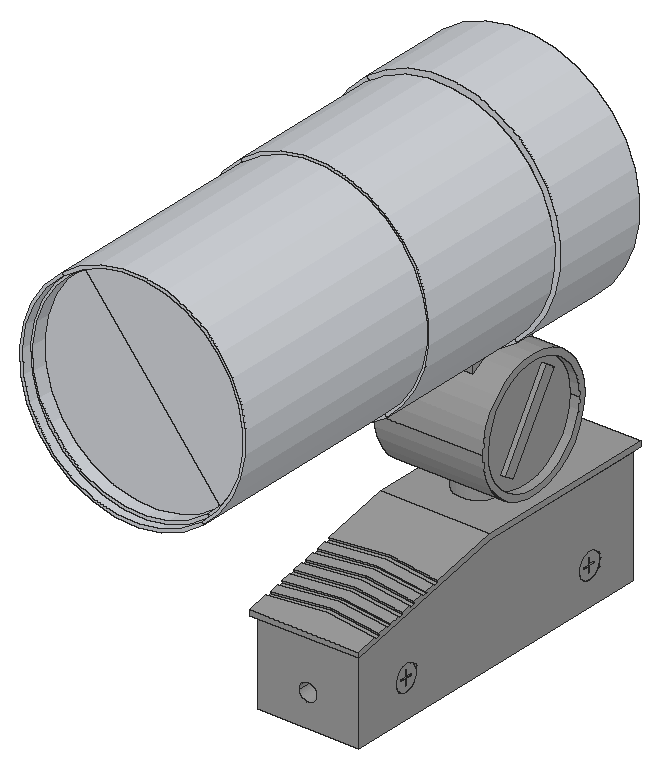
Revit family "TUBE GARDEN_JM10SW.1.18", category Luminarias, Revit 2019
Family settings
  Cota de conector redondo = Diámetro de uso
  Tipo de pieza = Normal
  Se basa en plano de trabajo = Sí
  Siempre vertical = No
  Corte con vacíos al cargar = No
  Origen de luz = Sí
  Compartido = No
  Punto de cálculo de habitación = No
Parameters (values of type "TUBE GARDEN_JM10SW.1.18")
  Ángulo de inclinación = 60.00°
  Zone [instance] = ""
  Watt per fixture = 12.6
  Wattage = 12.6 W
  built-in parameter 1150107 = 3000 (stored number, unit not read)
  built-in parameter 1150110 = 1 (stored number, unit not read)
  built-in parameter 1150109 = 1 (stored number, unit not read)
  built-in parameter 1150112 = 1 (stored number, unit not read)
  built-in parameter 1150113 = 1 (stored number, unit not read)
  built-in parameter 1114218 = 1 (stored number, unit not read)
  Keynote = ""
  built-in parameter 1150142 = "IESNA:LM-63-1995\r\n[TEST] \r\n[DATE] 2016/7/8\r\n[MANUFAC] BRILLANTE ILUMINACION\r\n[LUMCAT] JM10SW.1\r\n[LUMINAIRE] TUBE GARDEN\r\n[LAMPCAT] JM10SW.1 3000K APERTURA 15°_ 240V\r\n[LAMP] \r\nTILT=NONE\r\n0 -1 1.0 19 9 1 2 0.000 0.000 0.000\r\n1 1 10.4\r\n0.0 5.0 10.0 15.0 20.0 25.0 30.0 35.0 40.0 45.0 50.0 55.0 60.0 65.0 70.0 75.0 80.0 85.0 90.0\r\n0.0 45.0 90.0 135.0 180.0 225.0 270.0 315.0 360.0 \r\n3698.184 3451.365 1995.442 974.678 607.932 486.059 416.519 370.535 263.103 104.155 34.309 18.127 12.187 9.217 6.964 4.916 2.868 1.127 0.102\r\n3553.780 3597.818 2322.759 1127.583 653.404 528.458 439.870 384.156 294.339 130.271 37.484 19.664 12.904 10.037 7.783 5.838 3.585 1.434 0.205\r\n3567.094 3002.790 1673.246 823.514 570.960 476.125 412.935 360.191 198.069 66.774 25.296 15.772 11.573 9.115 7.067 4.916 2.868 1.024 0.102\r\n3620.349 2624.881 1375.528 724.172 539.314 454.925 397.880 339.913 187.316 50.285 22.941 14.850 11.163 8.705 6.555 4.506 2.356 0.717 0.102\r\n3698.184 2558.312 1188.007 663.645 528.458 443.762 391.838 298.026 138.669 54.689 23.043 15.362 11.675 8.705 6.042 4.199 1.946 0.410 0.102\r\n3553.780 2034.155 1091.430 625.240 497.836 428.604 378.114 273.856 101.390 37.074 21.302 14.850 11.470 8.603 5.735 3.482 1.434 0.205 0.102\r\n3567.094 2845.072 1499.347 760.939 534.603 453.389 401.567 340.425 173.080 55.816 22.838 15.465 11.778 9.012 6.145 4.097 2.048 0.410 0.102\r\n3620.349 3274.188 1943.825 922.754 581.714 478.480 415.188 366.848 240.981 78.449 28.369 17.206 11.982 8.910 6.555 4.609 2.560 0.717 0.102\r\n3698.184 3451.365 1995.442 974.678 607.932 486.059 416.519 370.535 263.103 104.155 34.309 18.127 12.187 9.217 6.964 4.916 2.868 1.127 0.102\r\n"
  built-in parameter 1150137 = (empty or 0)
  built-in parameter 1150132 = (empty or 0)
  Modelo = "JM10SW.1.18"
  Lámpara = "NICHIA"
  built-in parameter 1150105 = 80.344 (stored number, unit not read)
  built-in parameter 1150102 = (empty or 0)
  built-in parameter 1150106 = 0.80344 (stored number, unit not read)
  Lumens = 1009.64 lm
  Color Filter = 16777215
  built-in parameter 1114217 = 1 (stored number, unit not read)
  built-in parameter 1150139 = (empty or 0)
  Fabricante = "BRILLANT"
  Default Elevation = 0 mm
  built-in parameter 1150104 = 7.4443 (stored number, unit not read)
  Descripción = "LUMINARIA DE JARDIN DIRIGIBLE CON DIFERENTES TIPOS DE SUJECION, CUERPO DE ALUMINIO FUNDIDO A PRESION CUBIERTO CON POLVO GRIS OSCURO Y VIDRIO TEMPLADO DE 4MM CON UN PESO DE 1KG, USO PARA INTERIORES Y EXTERIORES IP 66, 1 LED TIPO NICHIA CON UNA POTENCIA DE 12.6W, IRC 80, 1000 LUMENES, TEMPERATURA EN BLANCO CALIDO 3000K, EFICIENCIA DE 80.13 LM/W, APERTURA DE 18 GRADOS POR PROYECTO, CABLE DE 1.9M H05RN-F, ALIMENTADO A 100-240V."
  built-in parameter 1150115 = 1 (stored number, unit not read)
  built-in parameter 1150114 = 1 (stored number, unit not read)
  Comentarios de vataje = "100-240V"
  built-in parameter 1150138 = (empty or 0)
  built-in parameter 1150134 = (empty or 0)
  Circuit [instance] = ""
  Dimming Lamp Color Temperature Shift = (empty or 0)
  Archivo de red fotométrica = "JM10SW.1_15°_240V.IES"
  built-in parameter 1150133 = 10 (stored number, unit not read)
Reference planes
  plane 1 "Centro (Frontal/Posterior)": y = 0
  plane 2: z = 0
  plane 3 "Centro (Izquierda/Derecha)": x = 0
  plane 4: y = -61.917
  plane 5: y = 38.083
  plane 6: z = 35
  plane 7: z = 145
Forms (mm)
  Extrusion 1, solid, material "Aluminio"
    sketch origin (39.88, 0, 33.686) x (0, 0, 1) y (0, -1, 0)
      loop
        line (-33.825, 60.622) -> (-33.825, -36.369) -> (-1.361, -36.369) -> (-1.361, 15.603) -> (-10.93, 60.622) -> (-33.825, 60.622)
    from -54.278 to -25.483
  Revolve 2, solid
    sketch origin (61.33, -20.719, 35.253) x (-0.62932, 0, 0.777146) y (0, -1, 0)
      loop
        line (131.455, -35.031) -> (131.455, -7.435) -> (129.367, -7.435) -> (129.367, -6.354) -> (130.392, -6.354) -> (130.392, 38.021) -> (129.592, 38.021) -> (129.592, 102.136) -> (128.792, 102.136) -> (128.792, 99.443) -> (127.981, 99.443) -> (127.981, 95.475) -> (97.455, 95.475) -> (97.455, -36.864) -> (129.367, -36.864) -> (129.367, -35.031) -> (131.455, -35.031)
      axis (97.455, -36.864) -> (97.455, 102.136)
    angle from 0 to 360
  Extrusion 3, solid, material "Aluminio"
    sketch origin (0.356, 0, 14.678) x (0, 0, 1) y (0, -1, 0)
      loop
        circle (41.155, 0) r 18.092
      loop
        circle (41.155, 0) r 16.339
    from -15.819 to 15
  Extrusion 4, solid, material "Aluminio"
    sketch origin (0.356, 0, 14.678) x (0, 0, 1) y (0, -1, 0)
      loop
        circle (41.155, 0) r 16.339
    from -12.926 to 12.368
  Extrusion 5, solid, material "Aluminio"
    sketch origin (0.356, 0, 14.678) x (0, 0, 1) y (0, -1, 0)
      loop
        line (53.596, -5.944) -> (31.281, 8.548) -> (29.59, 5.944) -> (51.905, -8.548) -> (53.596, -5.944)
    from 12.368 to 14.042
  Extrusion 6, solid, material "Aluminio"
    sketch origin (-0.356, 0, 14.678) x (0, 0, 1) y (0, 1, 0)
      loop
        line (53.596, 5.944) -> (51.905, 8.548) -> (29.59, -5.944) -> (31.281, -8.548) -> (53.596, 5.944)
    from 12.368 to 14.042
  Extrusion 7, solid, material "Aluminio"
    sketch origin (-8.138, 0, 16.682) x (0, 0, 1) y (0, -1, 0)
      loop
        line (61.699, 10.674) -> (53.75, 10.674)
        arc (53.75, 10.674) -> (57.104, 0.102) -> (53.75, -10.47) r 18.336
        line (53.75, -10.47) -> (61.699, -10.47) -> (61.699, 10.674)
    from 1.534 to 14.765
  Extrusion 8, solid, material "Aluminio"
    sketch origin (0, 0, 0) x (1, 0, 0) y (0, 1, 0)
      loop
        circle (0, 0) r 6.607
    from 35 to 39.074
  Extrusion 9, solid, material "Aluminio"
    sketch origin (39.88, 0.947, 34.633) x (0, 0, 1) y (0, -1, 0)
      loop
        line (-1.133, -37.136) -> (0.367, -37.136) -> (0.367, 16.522) -> (-9.484, 62.864) -> (-10.984, 62.864) -> (-1.133, 16.522) -> (-1.133, -37.136)
    from -55.344 to -24.525
  Extrusion 10, void
    sketch origin (0, 1.025, 6.176) x (1, 0, 0) y (0, 0.978012, 0.208547)
      loop
        line (-21.529, -31.26) -> (0, -28.617) -> (21.507, -31.257) -> (21.507, -29.746) -> (0, -27.105) -> (-21.529, -29.749) -> (-21.529, -31.26)
    from 31.104 to 32.437
  Extrusion 11, void
    sketch origin (0, -3.127, 5.294) x (1, 0, 0) y (0, 0.978012, 0.208547)
      loop
        line (-21.529, -31.26) -> (0, -28.617) -> (21.507, -31.257) -> (21.507, -29.746) -> (0, -27.105) -> (-21.529, -29.749) -> (-21.529, -31.26)
    from 31.104 to 32.437
  Extrusion 12, void
    sketch origin (0, -7.292, 4.406) x (1, 0, 0) y (0, 0.978012, 0.208547)
      loop
        line (-21.529, -31.26) -> (0, -28.617) -> (21.507, -31.257) -> (21.507, -29.746) -> (0, -27.105) -> (-21.529, -29.749) -> (-21.529, -31.26)
    from 31.104 to 32.437
  Extrusion 13, void
    sketch origin (0, -11.443, 3.52) x (1, 0, 0) y (0, 0.978012, 0.208547)
      loop
        line (-21.529, -31.26) -> (0, -28.617) -> (21.507, -31.257) -> (21.507, -29.746) -> (0, -27.105) -> (-21.529, -29.749) -> (-21.529, -31.26)
    from 31.104 to 32.437
  Extrusion 14, void
    sketch origin (0, -15.611, 2.632) x (1, 0, 0) y (0, 0.978012, 0.208547)
      loop
        line (-21.529, -31.26) -> (0, -28.617) -> (21.507, -31.257) -> (21.507, -29.746) -> (0, -27.105) -> (-21.529, -29.749) -> (-21.529, -31.26)
    from 31.104 to 32.437
  Extrusion 15, void
    sketch origin (0, -19.773, 1.744) x (1, 0, 0) y (0, 0.978012, 0.208547)
      loop
        line (-21.529, -31.26) -> (0, -28.617) -> (21.507, -31.257) -> (21.507, -29.746) -> (0, -27.105) -> (-21.529, -29.749) -> (-21.529, -31.26)
    from 31.104 to 32.437
  Extrusion 16, void
    sketch origin (0, 0, 0) x (1, 0, 0) y (0, 0, 1)
      loop
        circle (0, 9.003) r 2.52
    from -37.016 to 61.917
  Extrusion 17, void
    sketch origin (13.624, 0, 26.957) x (0, 0, 1) y (0, -1, 0)
      loop
        circle (-16.558, 43.85) r 3.807
      loop
        circle (-16.558, -21.15) r 3.807
    from 0 to 1.376
  Extrusion 18, void
    sketch origin (-13.624, 0, 26.957) x (0, 0, 1) y (0, 1, 0)
      loop
        circle (-16.558, -43.85) r 3.807
      loop
        circle (-16.558, 21.15) r 3.807
    from 0 to 1.376
  Extrusion 19, solid, material "Aluminio"
    sketch origin (39.88, 0.947, 24.633) x (0, 0, 1) y (0, -1, 0)
      loop
        circle (-14.235, 44.797) r 3.604
      loop
        line (-12.053, 45.203) -> (-13.83, 45.203) -> (-13.83, 46.979) -> (-14.64, 46.979) -> (-14.64, 45.203) -> (-16.417, 45.203) -> (-16.417, 44.392) -> (-14.64, 44.392) -> (-14.64, 42.616) -> (-13.83, 42.616) -> (-13.83, 44.392) -> (-12.053, 44.392) -> (-12.053, 45.203)
      loop
        circle (-14.235, -20.203) r 3.604
      loop
        line (-12.053, -19.797) -> (-13.83, -19.797) -> (-13.83, -18.021) -> (-14.64, -18.021) -> (-14.64, -19.797) -> (-16.417, -19.797) -> (-16.417, -20.608) -> (-14.64, -20.608) -> (-14.64, -22.384) -> (-13.83, -22.384) -> (-13.83, -20.608) -> (-12.053, -20.608) -> (-12.053, -19.797)
    from -26.256 to -25.674
  Extrusion 20, solid, material "Aluminio"
    sketch origin (-39.88, 0.947, 24.633) x (0, 0, 1) y (0, 1, 0)
      loop
        circle (-14.235, -44.797) r 3.604
      loop
        line (-12.053, -45.203) -> (-12.053, -44.392) -> (-13.83, -44.392) -> (-13.83, -42.616) -> (-14.64, -42.616) -> (-14.64, -44.392) -> (-16.417, -44.392) -> (-16.417, -45.203) -> (-14.64, -45.203) -> (-14.64, -46.979) -> (-13.83, -46.979) -> (-13.83, -45.203) -> (-12.053, -45.203)
      loop
        circle (-14.235, 20.203) r 3.604
      loop
        line (-12.053, 19.797) -> (-12.053, 20.608) -> (-13.83, 20.608) -> (-13.83, 22.384) -> (-14.64, 22.384) -> (-14.64, 20.608) -> (-16.417, 20.608) -> (-16.417, 19.797) -> (-14.64, 19.797) -> (-14.64, 18.021) -> (-13.83, 18.021) -> (-13.83, 19.797) -> (-12.053, 19.797)
    from -26.256 to -25.674
  Extrusion 21, void
    sketch origin (0, 0, 0) x (1, 0, 0) y (0, 0, 1)
      loop
        circle (-7.163, 17.402) r 6.005
      loop
        circle (-7.163, 17.402) r 5.658
      loop
        circle (-9.606, 17.402) r 0.823
      loop
        circle (-4.719, 17.402) r 0.823
    from -37.016 to -35.635
  Extrusion 22, void
    sketch origin (0, 0, 0) x (-1, 0, 0) y (0, 0, -1)
      loop
        circle (-7.163, -17.402) r 6.005
      loop
        circle (-7.163, -17.402) r 5.658
      loop
        circle (-9.606, -17.402) r 0.823
      loop
        circle (-4.719, -17.402) r 0.823
    from -37.016 to -35.635
Cuts and joins
  Extrusion 10, Extrusion 11, Extrusion 12, Extrusion 13, Extrusion 14, Extrusion 15 cuts Extrusion 9
  Extrusion 16, Extrusion 17, Extrusion 18, Extrusion 21, Extrusion 22 cuts Extrusion 1
Dimensions and locks
  plane 4 to plane 5 = 100 mm
  plane 6 to level = 35 mm
  plane 7 to level = 145 mm
  Revolve 2 to Revolve 2 = 139 mm
  Revolve 2 sketch curve to Revolve 2 sketch curve = 26.423 mm
  aligned and locked: level to plane 2
Connectors
  electrical at (0, 36.369, 16.093)
    settings: on cut or joined group of Extrusion 1, Extrusion 16, Extrusion 17, Extrusion 18, Extrusion 21, Extrusion 22, index 1, voltage 240 V, apparent load 0 VA, apparent load phase1 0 VA, apparent load phase2 0 VA, apparent load phase3 0 VA, power factor 1, load classification "Otro", number of poles 1, system type 31, power factor state 1, is connector primary yes, connector utility no, sub classification motor no, connector description ""
